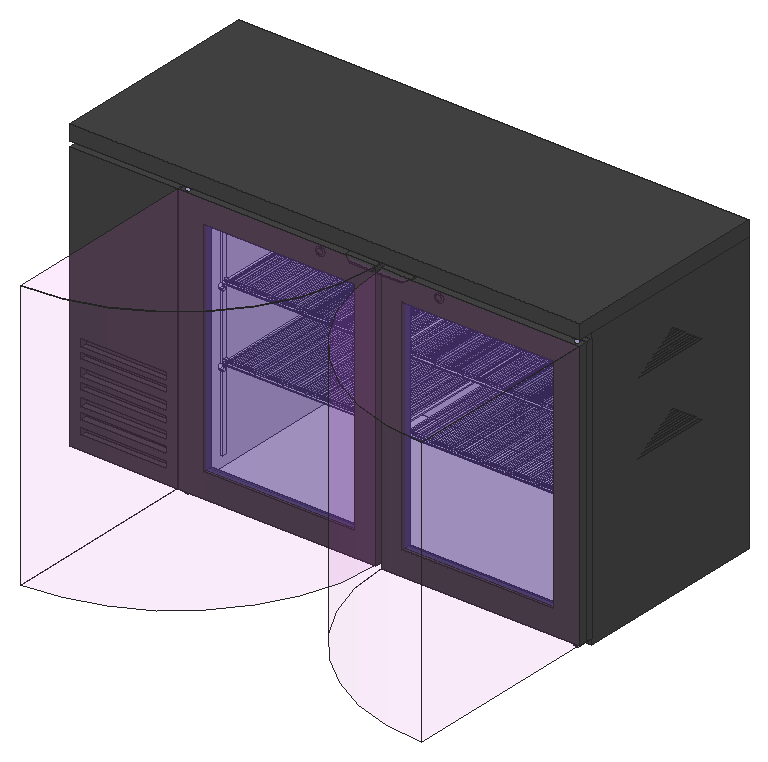
Revit family "QF_True_TBB24-60-2G-Z1-BST-S-1_Glass_Swing_Door_Back_Bar", category Specialty Equipment, Revit 2021 (continued)
Definition of nested family "Family3"
  Definition of nested family "2 INCHES_CASTER"
    Forms (in)
      Extrusion 4, solid, visible <- "2 Inches Caster"
        sketch origin (-1.98481, 1.43296, -1.7541) x (0, 1, 0) y (0, 0, 1)
          loop
            line (-0.29048, 3.52526) -> (-0.22239, 3.64306)
            arc (-0.22239, 3.64306) -> (-0.42936, 3.69906) -> (-0.64294, 3.71792) r 1.21859
            line (-0.64294, 3.71792) -> (-2.21294, 3.71792)
        from 2.74918 to 2.90825
      Extrusion 5, solid, visible <- "2 Inches Caster"
        sketch origin (1.98481, 1.43296, -1.7541) x (0, 1, 0) y (0, 0, -1)
          loop
            arc (-0.58446, -2.55082) -> (-0.59625, -2.50123) -> (-0.6121, -2.45278) r 0.61695
            arc (-0.6121, -2.45278) -> (-0.94802, -2.21237) -> (-1.29729, -2.43295) r 0.37001
            arc (-1.29729, -2.43295) -> (-1.36136, -2.62044) -> (-1.39241, -2.81612) r 1.15385
            arc (-1.39241, -2.81612) -> (-1.56115, -3.28048) -> (-1.94904, -3.58652) r 0.90292
            line (-1.94904, -3.58652) -> (-2.21294, -3.58652) -> (-2.21294, -3.71792) -> (-0.64294, -3.71792)
            arc (-0.64294, -3.71792) -> (-0.42936, -3.69906) -> (-0.22239, -3.64306) r 1.21859
            line (-0.22239, -3.64306) -> (-0.29048, -3.52526)
            arc (-0.29048, -3.52526) -> (-0.07255, -3.40259) -> (0.12713, -3.252) r 1.8753
            line (0.12713, -3.252) -> (0.05609, -3.15367)
            arc (0.05609, -3.15367) -> (-0.36134, -2.95548) -> (-0.58446, -2.55082) r 0.75313
        from 2.74918 to 2.90825
    Cuts and joins
      joined: Revolve 1, Extrusion 4, Extrusion 5
    Lines and regions (in)
      symbolic lines, visible <- "2 Inches Caster"
        curve 1: line (0.10651, 1.59133, 0) -> (0.80944, 1.1855, 0)
        curve 2: line (-0.89349, -0.14072, 0) -> (0.10651, 1.59133, 0)
        curve 3: line (-0.19056, -0.54656, 0) -> (-0.89349, -0.14072, 0)
        curve 4: line (0.80944, 1.1855, 0) -> (-0.19056, -0.54656, 0)
    Dimensions and locks (in)
      plane 4 "TOP" to level = 2"  (x2)
      aligned and locked: level to plane 1
  Definition of nested family "3 INCHES 01_CASTER"
    Parameters (values of type "3 INCHES 01_CASTER")
      Weight = ""
      URL Manufacturer = ""
      URL Cutsheet = ""
      URL = ""
      Type Mark [instance] = ""
      Specification by User [instance] = ""
      Specification by Manufacturer = ""
      Serial Number = ""
      Seismic Rating = ""
      SMACNA No = ""
      Revision Code [instance] = ""
      Omniclass Number and Title = ""
      NAFEM Spec ID Number = ""
      Model = ""
      MasterSpec. = ""
      Manufacturer = ""
      Item Number [instance] = ""
      Installed By [instance] = ""
      Identify Quantity as Lot [instance] = yes
      Furnished By [instance] = ""
      Foodservice Equipment Identifier [instance] = yes
      Description = ""
      Default Elevation = 0"
      CSI MasterFormat = ""
      CSI Master Format = ""
      Assembly Code = ""
      3 Inches Caster [instance] = yes
    Reference planes (in)
      plane 1: z = 0
      plane 2 "RIGHT": x = 0
      plane 3 "FRONT": y = 0
      plane 4 "TOP": z = 3
    Forms (in)
      Revolve 1, solid, visible <- "3 Inches Caster"
        sketch origin (-1.93794, 0.56004, -1.0041) x (1, 0, 0) y (0, 0, 1)
          loop
            line (0.74055, 2.11347) -> (0.74055, 2.03797) -> (0.79055, 1.98797) -> (0.85055, 1.98797) -> (0.85055, 1.8679) -> (1.235, 1.8679) -> (1.235, 1.7068) -> (1.36441, 1.63209) -> (1.4003, 1.41035) -> (1.34375, 1.41035) -> (1.34375, 1.28535) -> (1.375, 1.28535) -> (1.375, 1.0041) -> (2.48438, 1.0041) -> (2.48438, 1.28535) -> (2.51563, 1.28535) -> (2.51563, 1.41035) -> (2.45908, 1.41035) -> (2.49553, 1.6356) -> (2.62438, 1.70999) -> (2.62438, 1.8679) -> (3.04007, 1.8679) -> (3.04007, 1.98797) -> (3.10007, 1.98797) -> (3.15007, 2.03797) -> (3.15007, 2.11347) -> (0.74055, 2.11347)
          axis (0.74055, 2.11347) -> (3.15007, 2.11347)
        angle from 0 to 360
      Extrusion 2, solid, visible <- "3 Inches Caster"
        sketch origin (-1.93794, 1.35294, -3.2541) x (0, 1, 0) y (0, 0, 1)
          loop
            line (-0.41094, 5.86793) -> (-0.41094, 6.01276) -> (-2.29494, 6.01276) -> (-2.29494, 5.71244) -> (-1.82301, 5.71244)
            arc (-1.82301, 5.71244) -> (-1.00307, 5.59865) -> (-0.19592, 5.41488) r 9.6332
            arc (-0.19592, 5.41488) -> (0.12646, 5.29481) -> (0.42224, 5.11916) r 1.92059
            line (0.42224, 5.11916) -> (0.51314, 5.245)
            arc (0.51314, 5.245) -> (0.27353, 5.42569) -> (0.01201, 5.5729) r 2.25036
            line (0.01201, 5.5729) -> (0.09371, 5.71426)
            arc (0.09371, 5.71426) -> (-0.15272, 5.81043) -> (-0.41094, 5.86793) r 1.73151
        from 1.17357 to 2.70231
      Revolve 3, solid, visible <- "3 Inches Caster"
        sketch origin (0, 1.73858, -3.25) x (0, 1, 0) y (0, 0, 1)
          loop
            line (-1.73858, 6.25) -> (-1.73858, 6.00866) -> (-0.93293, 6.00866) -> (-0.93293, 6.25) -> (-1.73858, 6.25)
          axis (-1.73858, 6.00866) -> (-1.73858, 6.25)
        angle from 0 to 360
      Extrusion 4, solid, visible <- "3 Inches Caster"
        sketch origin (-1.98481, 1.35294, -1.7541) x (0, 1, 0) y (0, 0, 1)
          loop
            line (-2.29494, 4.51276) -> (-2.29494, 4.21244) -> (-2.2074, 4.21244)
            arc (-2.2074, 4.21244) -> (-1.58796, 3.87196) -> (-1.3103, 3.22193) r 1.0835
            arc (-1.3103, 3.22193) -> (-1.27304, 2.98711) -> (-1.19616, 2.76214) r 1.38462
            arc (-1.19616, 2.76214) -> (-0.77704, 2.49744) -> (-0.37393, 2.78593) r 0.44401
            arc (-0.37393, 2.78593) -> (-0.35491, 2.84407) -> (-0.34077, 2.90358) r 0.74034
            arc (-0.34077, 2.90358) -> (-0.07302, 3.38916) -> (0.4279, 3.62699) r 0.90376
            line (0.4279, 3.62699) -> (0.51314, 3.745)
            arc (0.51314, 3.745) -> (0.27353, 3.92569) -> (0.01201, 4.0729) r 2.25036
            line (0.01201, 4.0729) -> (0.09371, 4.21426)
            arc (0.09371, 4.21426) -> (-0.15272, 4.31043) -> (-0.41094, 4.36793) r 1.73151
            line (-0.41094, 4.36793) -> (-0.41094, 4.51276) -> (-2.29494, 4.51276)
        from 2.74918 to 2.90825
      Extrusion 5, solid, visible <- "3 Inches Caster"
        sketch origin (1.98481, 1.35294, -1.7541) x (0, 1, 0) y (0, 0, -1)
          loop
            line (-2.29494, -4.51276) -> (-0.41094, -4.51276) -> (-0.41094, -4.36793)
            arc (-0.41094, -4.36793) -> (-0.15272, -4.31043) -> (0.09371, -4.21426) r 1.73151
            line (0.09371, -4.21426) -> (0.01201, -4.0729)
            arc (0.01201, -4.0729) -> (0.27353, -3.92569) -> (0.51314, -3.745) r 2.25036
            line (0.51314, -3.745) -> (0.4279, -3.62699)
            arc (0.4279, -3.62699) -> (-0.07302, -3.38916) -> (-0.34077, -2.90358) r 0.90376
            arc (-0.34077, -2.90358) -> (-0.35491, -2.84407) -> (-0.37393, -2.78593) r 0.74034
            arc (-0.37393, -2.78593) -> (-0.77704, -2.49744) -> (-1.19616, -2.76214) r 0.44401
            arc (-1.19616, -2.76214) -> (-1.27304, -2.98711) -> (-1.3103, -3.22193) r 1.38462
            arc (-1.3103, -3.22193) -> (-1.58796, -3.87196) -> (-2.2074, -4.21244) r 1.0835
            line (-2.2074, -4.21244) -> (-2.29494, -4.21244) -> (-2.29494, -4.51276)
        from 2.74918 to 2.90825
    Cuts and joins
      joined: Extrusion 2, Extrusion 4, Extrusion 5
    Lines and regions (in)
      symbolic lines, visible <- "3 Inches Caster"
        curve 1: line (0.1877, 1.65194, 0) -> (0.89063, 1.2461, 0)
        curve 2: line (-1.00175, -0.40823, 0) -> (0.1877, 1.65194, 0)
        curve 3: line (-0.29881, -0.81407, 0) -> (-1.00175, -0.40823, 0)
        curve 4: line (0.89063, 1.2461, 0) -> (-0.29881, -0.81407, 0)
    Dimensions and locks (in)
      plane 4 "TOP" to level = 3"  (x2)
      aligned and locked: level to plane 1
  Definition of nested family "4 INCHES_CASTER"
    Parameters (values of type "4 INCHES_CASTER")
      Weight = ""
      URL Manufacturer = ""
      URL Cutsheet = ""
      URL = ""
      Type Mark [instance] = ""
      Specification by User [instance] = ""
      Specification by Manufacturer = ""
      Show 4 Inches Casters [instance] = yes
      Serial Number = ""
      Seismic Rating = ""
      SMACNA No = ""
      Revision Code [instance] = ""
      Omniclass Number and Title = ""
      NAFEM Spec ID Number = ""
      Model = ""
      MasterSpec. = ""
      Manufacturer = ""
      Item Number [instance] = ""
      Installed By [instance] = ""
      Identify Quantity as Lot [instance] = yes
      Furnished By [instance] = ""
      Foodservice Equipment Identifier [instance] = yes
      Description = ""
      Default Elevation = 0"
      CSI MasterFormat = ""
      CSI Master Format = ""
      Assembly Code = ""
    Reference planes (in)
      plane 1: z = 0
      plane 2 "RIGHT": x = 0
      plane 3 "FRONT": y = 0
      plane 4 "TOP": z = 4
    Forms (in)
      Revolve 1, solid, visible <- "Show 4 Inches Casters"
        sketch origin (-1.93794, 0.83816, -1.0041) x (1, 0, 0) y (0, 0, 1)
          loop
            line (0.74055, 2.5041) -> (3.15007, 2.5041) -> (3.15007, 2.5796) -> (3.10007, 2.6296) -> (3.04007, 2.6296) -> (3.04007, 2.74967) -> (2.62438, 2.74967) -> (2.62438, 2.93884) -> (2.48438, 3.01967) -> (2.45908, 3.17597) -> (2.51563, 3.17597) -> (2.51563, 3.41035) -> (2.48438, 3.41035) -> (2.48438, 4.0041) -> (1.375, 4.0041) -> (1.375, 3.41035) -> (1.34375, 3.41035) -> (1.34375, 3.17597) -> (1.4003, 3.17597) -> (1.37557, 3.02318) -> (1.235, 2.94202) -> (1.235, 2.74967) -> (0.85055, 2.74967) -> (0.85055, 2.6296) -> (0.79055, 2.6296) -> (0.74055, 2.5796) -> (0.74055, 2.5041)
          axis (0.74055, 2.5041) -> (3.15007, 2.5041)
        angle from 0 to 360
      Extrusion 2, solid, visible <- "Show 4 Inches Casters"
        sketch origin (-1.93794, 1.80294, -1.7541) x (0, 1, 0) y (0, 0, 1)
          loop
            line (-3.08794, 5.33423) -> (-3.08794, 5.00584) -> (-2.69466, 5.00584)
            arc (-2.69466, 5.00584) -> (-1.57175, 4.94895) -> (-0.46376, 4.75787) r 9.36411
            arc (-0.46376, 4.75787) -> (-0.05889, 4.58436) -> (0.28335, 4.30705) r 1.60049
            line (0.28335, 4.30705) -> (0.34449, 4.39437)
            arc (0.34449, 4.39437) -> (0.12713, 4.6163) -> (-0.1239, 4.79931) r 1.8753
            line (-0.1239, 4.79931) -> (-0.05749, 4.91421)
            arc (-0.05749, 4.91421) -> (-0.33807, 5.05694) -> (-0.64294, 5.13542) r 1.44292
            line (-0.64294, 5.13542) -> (-0.64294, 5.33423) -> (-3.08794, 5.33423)
        from 1.1267 to 2.74918
      Revolve 3, solid, visible <- "Show 4 Inches Casters"
        sketch origin (0, 2.15543, -2.25) x (0, 1, 0) y (0, 0, 1)
          loop
            line (-2.21793, 6.25) -> (-2.21793, 5.83014) -> (-1.05793, 5.83014) -> (-1.05793, 6.25) -> (-2.21793, 6.25)
          axis (-2.21793, 5.83014) -> (-2.21793, 6.25)
        angle from 0 to 360
      Extrusion 4, solid, visible <- "Show 4 Inches Casters"
        sketch origin (-1.93794, 1.80294, -1.7541) x (0, 1, 0) y (0, 0, 1)
          loop
            line (-3.08794, 5.33423) -> (-3.08794, 5.00584) -> (-2.8913, 5.00584)
            arc (-2.8913, 5.00584) -> (-2.09118, 4.14057) -> (-1.45681, 3.14736) r 6.63355
            arc (-1.45681, 3.14736) -> (-0.85703, 2.75969) -> (-0.4561, 3.35069) r 0.5107
            arc (-0.4561, 3.35069) -> (-0.27092, 3.92503) -> (0.24034, 4.24562) r 0.88136
            line (0.24034, 4.24562) -> (0.34449, 4.39437)
            arc (0.34449, 4.39437) -> (0.12713, 4.6163) -> (-0.1239, 4.79931) r 1.8753
            line (-0.1239, 4.79931) -> (-0.05749, 4.91421)
            arc (-0.05749, 4.91421) -> (-0.33807, 5.05694) -> (-0.64294, 5.13542) r 1.44292
            line (-0.64294, 5.13542) -> (-0.64294, 5.33423) -> (-3.08794, 5.33423)
        from 2.74918 to 2.90825
      Extrusion 5, solid, visible <- "Show 4 Inches Casters"
        sketch origin (1.93794, 1.80294, -1.7541) x (0, 1, 0) y (0, 0, -1)
          loop
            line (-3.08794, -5.33423) -> (-0.64294, -5.33423) -> (-0.64294, -5.13542)
            arc (-0.64294, -5.13542) -> (-0.33807, -5.05694) -> (-0.05749, -4.91421) r 1.44292
            line (-0.05749, -4.91421) -> (-0.1239, -4.79931)
            arc (-0.1239, -4.79931) -> (0.12713, -4.6163) -> (0.34449, -4.39437) r 1.8753
            line (0.34449, -4.39437) -> (0.24034, -4.24562)
            arc (0.24034, -4.24562) -> (-0.27092, -3.92503) -> (-0.4561, -3.35069) r 0.88136
            arc (-0.4561, -3.35069) -> (-0.85703, -2.75969) -> (-1.45681, -3.14736) r 0.5107
            arc (-1.45681, -3.14736) -> (-2.09118, -4.14057) -> (-2.8913, -5.00584) r 6.63355
            line (-2.8913, -5.00584) -> (-3.08794, -5.00584) -> (-3.08794, -5.33423)
        from 2.74918 to 2.90825
    Cuts and joins
      joined: Extrusion 2, Extrusion 4, Extrusion 5
    Lines and regions (in)
      symbolic lines, visible <- "Show 4 Inches Casters"
        curve 1: line (0.28481, 1.83041, 0) -> (1.24556, 1.27572, 0)
        curve 2: line (-1.26206, -0.84886, 0) -> (0.28481, 1.83041, 0)
        curve 3: line (-0.30132, -1.40355, 0) -> (-1.26206, -0.84886, 0)
        curve 4: line (1.24556, 1.27572, 0) -> (-0.30132, -1.40355, 0)
    Dimensions and locks (in)
      plane 4 "TOP" to level = 4"  (x2)
      aligned and locked: level to plane 1
  Definition of nested family "5 INCHES 01_CASTER 2"
    Parameters (values of type "5 INCHES 01_CASTER 2")
      Weight = ""
      URL Manufacturer = ""
      URL Cutsheet = ""
      URL = ""
      Type Mark [instance] = ""
      Specification by User [instance] = ""
      Specification by Manufacturer = ""
      Show 5" Casters [instance] = yes
      Serial Number = ""
      Seismic Rating = ""
      SMACNA No = ""
      Revision Code [instance] = ""
      Omniclass Number and Title = ""
      NAFEM Spec ID Number = ""
      Model = ""
      MasterSpec. = ""
      Manufacturer = ""
      Key Locks [instance] = yes
      Item Number [instance] = ""
      Installed By [instance] = ""
      Identify Quantity as Lot [instance] = yes
      Furnished By [instance] = ""
      Foodservice Equipment Identifier [instance] = yes
      Description = ""
      Default Elevation = 0"
      CSI MasterFormat = ""
      CSI Master Format = ""
      Assembly Code = ""
    Reference planes (in)
      plane 1: z = 0
      plane 2 "RIGHT": x = 0
      plane 3 "FRONT": y = 0
      plane 4 "TOP": z = 5
    Forms (in)
      Revolve 1, solid, visible <- "Show 5" Casters"
        sketch origin (-1.93794, 0.99859, -1.0041) x (1, 0, 0) y (0, 0, 1)
          loop
            line (0.74055, 3.0041) -> (0.74055, 2.9286) -> (0.79055, 2.8786) -> (0.85055, 2.8786) -> (0.85055, 2.75852) -> (1.235, 2.75852) -> (1.235, 2.56618) -> (1.37557, 2.48502) -> (1.49133, 1.76972) -> (1.34375, 1.76972) -> (1.34375, 1.53535) -> (1.375, 1.53535) -> (1.375, 1.0041) -> (2.48438, 1.0041) -> (2.48438, 1.53535) -> (2.51563, 1.53535) -> (2.51563, 1.76972) -> (2.36805, 1.76972) -> (2.48438, 2.48853) -> (2.62438, 2.56936) -> (2.62438, 2.75852) -> (3.04007, 2.75852) -> (3.04007, 2.8786) -> (3.10007, 2.8786) -> (3.15007, 2.9286) -> (3.15007, 3.0041) -> (0.74055, 3.0041)
          axis (0.74055, 3.0041) -> (3.15007, 3.0041)
        angle from 0 to 360
      Extrusion 2, solid, visible <- "Show 5" Casters"
        sketch origin (-1.93794, 1.96337, -0.7541) x (0, 1, 0) y (0, 0, 1)
          loop
            line (-3.37739, 5.33423) -> (-3.37739, 4.92712) -> (-2.49294, 4.92712)
            arc (-2.49294, 4.92712) -> (-1.47209, 4.91752) -> (-0.46376, 4.75787) r 6.92153
            arc (-0.46376, 4.75787) -> (0.14199, 4.53396) -> (0.67481, 4.16904) r 2.62713
            line (0.67481, 4.16904) -> (0.7876, 4.33012)
            arc (0.7876, 4.33012) -> (0.48098, 4.5674) -> (0.13288, 4.73811) r 1.91675
            line (0.13288, 4.73811) -> (0.21197, 4.87494)
            arc (0.21197, 4.87494) -> (-0.1576, 5.02102) -> (-0.54934, 5.08775) r 1.91675
            line (-0.54934, 5.08775) -> (-0.54934, 5.33423) -> (-3.37739, 5.33423)
        from 1.17357 to 2.70231
      Revolve 3, solid, visible <- "Show 5" Casters"
        sketch origin (0, 2.15543, -1.25) x (0, 1, 0) y (0, 0, 1)
          loop
            line (-2.21793, 6.25) -> (-2.21793, 5.83014) -> (-1.05793, 5.83014) -> (-1.05793, 6.25) -> (-2.21793, 6.25)
          axis (-2.21793, 5.83014) -> (-2.21793, 6.25)
        angle from 0 to 360
      Extrusion 4, solid, visible <- "Show 5" Casters"
        sketch origin (-1.98481, 1.96337, -0.7541) x (0, 1, 0) y (0, 0, 1)
          loop
            line (-3.37739, 5.33423) -> (-3.37739, 4.92712) -> (-3.13361, 4.92712)
            arc (-3.13361, 4.92712) -> (-2.12623, 3.92533) -> (-1.55834, 2.62307) r 3.79122
            arc (-1.55834, 2.62307) -> (-0.81477, 2.14247) -> (-0.31772, 2.87515) r 0.63314
            arc (-0.31772, 2.87515) -> (-0.02244, 3.67728) -> (0.68637, 4.15498) r 1.39003
            line (0.68637, 4.15498) -> (0.7876, 4.33012)
            arc (0.7876, 4.33012) -> (0.48098, 4.5674) -> (0.13288, 4.73811) r 1.91675
            line (0.13288, 4.73811) -> (0.21197, 4.87494)
            arc (0.21197, 4.87494) -> (-0.1576, 5.02102) -> (-0.54934, 5.08775) r 1.91675
            line (-0.54934, 5.08775) -> (-0.54934, 5.33423) -> (-3.37739, 5.33423)
        from 2.74918 to 2.90825
      Extrusion 5, solid, visible <- "Show 5" Casters"
        sketch origin (1.98481, 1.96337, -0.7541) x (0, 1, 0) y (0, 0, -1)
          loop
            line (-3.37739, -5.33423) -> (-0.54934, -5.33423) -> (-0.54934, -5.08775)
            arc (-0.54934, -5.08775) -> (-0.1576, -5.02102) -> (0.21197, -4.87494) r 1.91675
            line (0.21197, -4.87494) -> (0.13288, -4.73811)
            arc (0.13288, -4.73811) -> (0.48098, -4.5674) -> (0.7876, -4.33012) r 1.91675
            line (0.7876, -4.33012) -> (0.68637, -4.15498)
            arc (0.68637, -4.15498) -> (-0.02244, -3.67728) -> (-0.31772, -2.87515) r 1.39003
            arc (-0.31772, -2.87515) -> (-0.81477, -2.14247) -> (-1.55834, -2.62307) r 0.63314
            arc (-1.55834, -2.62307) -> (-2.12623, -3.92533) -> (-3.13361, -4.92712) r 3.79122
            line (-3.13361, -4.92712) -> (-3.37739, -4.92712) -> (-3.37739, -5.33423)
        from 2.74918 to 2.90825
      Extrusion 6, solid, visible <- "Key Locks"
        sketch origin (-0.96875, 2.04726, -0.57589) x (0, 1, 0) y (0, 0, -1)
          loop
            line (-2.58496, -2.03961) -> (-1.89213, -2.43961) -> (-1.53273, -2.64711)
            arc (-1.53273, -2.64711) -> (-1.45411, -2.76529) -> (-1.38688, -2.89031) r 1.51617
            arc (-1.38688, -2.89031) -> (-1.13602, -3.13035) -> (-0.79652, -3.20306) r 0.63657
            arc (-0.79652, -3.20306) -> (-0.67098, -3.20163) -> (-0.54633, -3.21661) r 0.9589
            line (-0.54633, -3.21661) -> (0.23309, -3.66661) -> (0.42979, -3.32592)
            arc (0.42979, -3.32592) -> (0.46473, -3.10362) -> (0.3415, -2.91533) r 0.313
            line (0.3415, -2.91533) -> (0.21087, -3.04595)
            arc (0.21087, -3.04595) -> (0.24081, -3.14321) -> (0.14284, -3.17074) r 0.07109
            line (0.14284, -3.17074) -> (-0.52795, -2.78336)
            arc (-0.52795, -2.78336) -> (-0.62217, -2.51108) -> (-0.36609, -2.37904) r 0.22
            arc (-0.36609, -2.37904) -> (-0.3435, -2.357) -> (-0.33862, -2.32583) r 0.05
            arc (-0.33862, -2.32583) -> (-0.50047, -2.10967) -> (-0.75504, -2.01961) r 0.46592
            line (-0.75504, -2.01961) -> (-1.49574, -2.01961)
            arc (-1.49574, -2.01961) -> (-1.57675, -2.00894) -> (-1.65224, -1.97767) r 0.313
            line (-1.65224, -1.97767) -> (-2.05389, -1.74578)
            arc (-2.05389, -1.74578) -> (-2.2914, -1.71451) -> (-2.48146, -1.86034) r 0.313
            line (-2.48146, -1.86034) -> (-2.58496, -2.03961)
        from 0 to 0.0625
      Extrusion 7, solid, visible <- "Key Locks"
        sketch origin (-0.96875, 2.04726, -0.57589) x (0, 1, 0) y (0, 0, -1)
          loop
            line (-0.45692, -2.6604) -> (0.47061, -3.19578)
            arc (0.47061, -3.19578) -> (0.44304, -3.03852) -> (0.3415, -2.91533) r 0.313
            line (0.3415, -2.91533) -> (-0.36656, -2.53415)
            arc (-0.36656, -2.53415) -> (-0.48136, -2.54745) -> (-0.45692, -2.6604) r 0.078
        from 0 to 0.5
      Extrusion 8, solid, visible <- "Key Locks"
        sketch origin (0.96875, 2.04726, -0.57589) x (0, 1, 0) y (0, 0, 1)
          loop
            line (-2.58496, 2.03961) -> (-2.48146, 1.86034)
            arc (-2.48146, 1.86034) -> (-2.2914, 1.71451) -> (-2.05389, 1.74578) r 0.313
            line (-2.05389, 1.74578) -> (-1.65224, 1.97767)
            arc (-1.65224, 1.97767) -> (-1.57675, 2.00894) -> (-1.49574, 2.01961) r 0.313
            line (-1.49574, 2.01961) -> (-0.75504, 2.01961)
            arc (-0.75504, 2.01961) -> (-0.50047, 2.10967) -> (-0.33862, 2.32583) r 0.46592
            arc (-0.33862, 2.32583) -> (-0.3435, 2.357) -> (-0.36609, 2.37904) r 0.05
            arc (-0.36609, 2.37904) -> (-0.62217, 2.51108) -> (-0.52795, 2.78336) r 0.22
            line (-0.52795, 2.78336) -> (0.14284, 3.17074)
            arc (0.14284, 3.17074) -> (0.24081, 3.14321) -> (0.21087, 3.04595) r 0.07109
            line (0.21087, 3.04595) -> (0.3415, 2.91533)
            arc (0.3415, 2.91533) -> (0.46473, 3.10362) -> (0.42979, 3.32592) r 0.313
            line (0.42979, 3.32592) -> (0.23309, 3.66661) -> (-0.54633, 3.21661)
            arc (-0.54633, 3.21661) -> (-0.67098, 3.20163) -> (-0.79652, 3.20306) r 0.9589
            arc (-0.79652, 3.20306) -> (-1.13602, 3.13035) -> (-1.38688, 2.89031) r 0.63657
            arc (-1.38688, 2.89031) -> (-1.45411, 2.76529) -> (-1.53273, 2.64711) r 1.51617
            line (-1.53273, 2.64711) -> (-1.89213, 2.43961) -> (-2.58496, 2.03961)
        from 0 to 0.0625
      Extrusion 9, solid, visible <- "Key Locks"
        sketch origin (0.96875, 2.04726, -0.57589) x (0, 1, 0) y (0, 0, 1)
          loop
            arc (-0.45692, 2.6604) -> (-0.48136, 2.54745) -> (-0.36656, 2.53415) r 0.078
            line (-0.36656, 2.53415) -> (0.3415, 2.91533)
            arc (0.3415, 2.91533) -> (0.44304, 3.03852) -> (0.47061, 3.19578) r 0.313
            line (0.47061, 3.19578) -> (-0.45692, 2.6604)
        from 0 to 0.5
    Cuts and joins
      joined: Extrusion 2, Extrusion 4, Extrusion 5
    Lines and regions (in)
      symbolic lines, visible <- "Show 5" Casters"
        curve 1: line (0.54262, 2.21348, 0) -> (1.50337, 1.65879, 0)
        curve 2: line (-1.45738, -1.25062, 0) -> (-0.70738, 0.04842, 0)
        curve 3: line (-0.49663, -1.80531, 0) -> (-1.45738, -1.25062, 0)
        curve 4: line (1.50337, 1.65879, 0) -> (0.75337, 0.35975, 0)
        curve 5: line (-0.20738, 0.91444, 0) -> (0.54262, 2.21348, 0)
        curve 6: line (0.25337, -0.50627, 0) -> (-0.49663, -1.80531, 0)
    Dimensions and locks (in)
      plane 4 "TOP" to level = 5"  (x2)
      aligned and locked: level to plane 1
  Definition of nested family "6 INCHES LEGS"
    Parameters (values of type "6 INCHES LEGS")
      Weight = ""
      URL Manufacturer = ""
      URL Cutsheet = ""
      URL = ""
      Type Mark [instance] = ""
      Status [instance] = ""
      Specification by User [instance] = ""
      Specification by Manufacturer = ""
      Show 6" Legs [instance] = yes
      Show Seismic Flanged [instance] = yes
      Serial Number = ""
      Seismic Rating = ""
      SMACNA No = ""
      Revision Code [instance] = ""
      Omniclass Number and Title = ""
      NAFEM Spec ID Number = ""
      Model = ""
      MasterSpec. = ""
      Manufacturer = ""
      Item Number [instance] = ""
      Installed By [instance] = ""
      Identify Quantity as Lot [instance] = yes
      Furnished By [instance] = ""
      Foodservice Equipment Identifier [instance] = yes
      Description = ""
      Default Elevation = 0"
      CSI MasterFormat = ""
      CSI Master Format = ""
      Assembly Code = ""
    Reference planes (in)
      plane 1: z = 0
      plane 2 "RIGHT": x = 0
      plane 3 "FRONT": y = 0
      plane 4 "TOP": z = 6
    Forms (in)
      Revolve 1, solid, visible <- "Show 6" Legs"
        sketch origin (11.12172, 0, 0) x (-1, 0, 0) y (0, 0, -1)
          loop
            line (11.12172, -6) -> (11.12172, 0) -> (10.62172, 0) -> (10.62172, -1.30261) -> (10.37172, -1.30261) -> (10.37172, -6) -> (11.12172, -6)
          axis (11.12172, 0) -> (11.12172, -6)
        angle from 0 to 360
      Extrusion 2, solid, visible <- "Show Seismic Flanged"
        sketch origin (0, 0, 0) x (1, 0, 0) y (0, 1, 0)
          loop
            circle (0, 0) r 1
        from 0 to 0.03125
    Dimensions and locks (in)
      plane 4 "TOP" to level = 6"  (x2)
      locked: Revolve 1 sketch curve to Revolve 1 sketch curve at 1.30261
      locked: Revolve 1 sketch curve to Revolve 1 sketch curve at 0.75
      aligned and locked: level to plane 1
  Definition of nested family "6 INCHES LEGS WITH FLANGED"
    Parameters (values of type "6 INCHES LEGS WITH FLANGED")
      Weight = ""
      URL Manufacturer = ""
      URL Cutsheet = ""
      URL = ""
      Type Mark [instance] = ""
      Status [instance] = ""
      Specification by User [instance] = ""
      Specification by Manufacturer = ""
      Show 6" Seismic Flanged [instance] = yes
      Serial Number = ""
      Seismic Rating = ""
      SMACNA No = ""
      Revision Code [instance] = ""
      Omniclass Number and Title = ""
      NAFEM Spec ID Number = ""
      Model = ""
      MasterSpec. = ""
      Manufacturer = ""
      Item Number [instance] = ""
      Installed By [instance] = ""
      Identify Quantity as Lot [instance] = yes
      Furnished By [instance] = ""
      Foodservice Equipment Identifier [instance] = yes
      Description = ""
      Default Elevation = 0"
      CSI MasterFormat = ""
      CSI Master Format = ""
      Assembly Code = ""
    Reference planes (in)
      plane 1: z = 0
      plane 2 "RIGHT": x = 0
      plane 3 "FRONT": y = 0
      plane 4 "TOP": z = 6
    Forms (in)
      Revolve 1, solid, visible <- "Show 6" Seismic Flanged"
        sketch origin (11.12172, 0, 0) x (-1, 0, 0) y (0, 0, -1)
          loop
            line (11.12172, -6) -> (11.12172, 0) -> (10.62172, 0) -> (10.62172, -1.30261) -> (10.37172, -1.30261) -> (10.37172, -6) -> (11.12172, -6)
          axis (11.12172, 0) -> (11.12172, -6)
        angle from 0 to 360
      Extrusion 2, solid, visible <- "Show 6" Seismic Flanged"
        sketch origin (0, 0, 0) x (1, 0, 0) y (0, 1, 0)
          loop
            circle (0, 0) r 1
        from 0 to 0.03125
    Dimensions and locks (in)
      plane 4 "TOP" to level = 6"  (x2)
      locked: Revolve 1 sketch curve to Revolve 1 sketch curve at 1.30261
      locked: Revolve 1 sketch curve to Revolve 1 sketch curve at 0.75
      aligned and locked: level to plane 1
